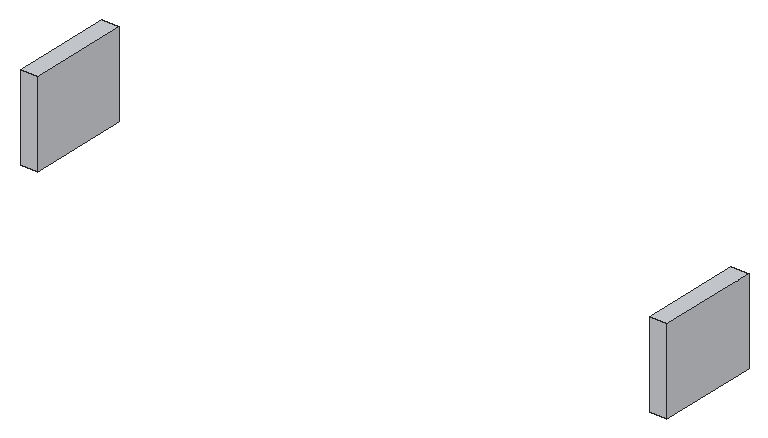
Revit family "ОВ_установка_default", category Оборудование, Revit 2022
Family settings
  Размер круглого соединителя = Использовать диаметр
  Классификация = Нет
  Тип детали = Нормальный
  На основе рабочей плоскости = Нет
  Всегда вертикально = Да
  При загрузке вырезать с полостями = Нет
  Сохранять ориентацию аннотаций = Нет
  Общий = Нет
  Точка принадлежности помещению = Нет
Parameters
  Отметка по умолчанию = 0 mm
  Выпуск_Длина [instance] = 100 mm
  Впуск_Ширина [instance] = 600 mm
  Выпуск_Ширина [instance] = 600 mm
  Выпуск_Отступ [instance] = 100 mm
  Выпуск_Высота [instance] = 500 mm
  Впуск_Снизу [instance] = no
  Впуск_Посередине [instance] = yes
  Впуск_Оступ [instance] = 100 mm
  Впуск_Длина [instance] = 100 mm
  Впуск_Высота [instance] = 500 mm
  Выпуск_Снизу [instance] = no
  Выпуск_Посередине [instance] = yes
  Выпуск_b [instance] = if(Выпуск_Посередине, (ADSK_Размер_Высота / 2) - (Выпуск_Высота / 2), if(Выпуск_Снизу, ADSK_Размер_Высота - Выпуск_Высота, 0 mm))  # 286.069 mm
  Впуск_b [instance] = if(Впуск_Посередине, (ADSK_Размер_Высота / 2) - (Впуск_Высота / 2), if(Впуск_Снизу, ADSK_Размер_Высота - Впуск_Высота, 0 mm))  # 286.069 mm
  Вложенное_оборудование_группирование [instance] = ""
  Вложенное_наполнение_группирование [instance] = ""
  PGS_ТипУстановки [instance] = ""
  ADSK_Этаж [instance] = ""
  ADSK_Размер_Ширина [instance] = 1360 mm
  ADSK_Размер_Длина [instance] = 3800 mm
  ADSK_Размер_Высота = 1072.138 mm
  ADSK_Примечание [instance] = ""
  ADSK_Предел огнестойкости = ""
  ADSK_Позиция [instance] = ""
  ADSK_Обозначение = ""
  ADSK_Наименование краткое = ""
  ADSK_Наименование = ""
  ADSK_Материал обозначение = ""
  ADSK_Материал наименование = ""
  ADSK_Масса = 0
  ADSK_Марка = ""
  ADSK_Количество [instance] = 1
  ADSK_Код изделия = ""
  ADSK_Зона = ""
  ADSK_Завод-изготовитель = ""
  ADSK_Единица измерения = ""
  ADSK_Группирование = ""
  ADSK_URL страницы изделия = ""
  ADSK_URL документации изделия = ""
Reference planes
  plane 1 "По центру (Вперед/Назад)": y = 0
  plane 2: z = 0
  plane 3 "По центру (Влево/Вправо)": x = 0
  plane 4: x = -1900
  plane 5: x = 1900
  plane 6: y = 680
  plane 7: y = -680
  plane 8: z = 1072.138
  plane 9: z = 786.069
  plane 10: z = 286.069
  plane 11: y = 300
  plane 12: y = -300
  plane 13: y = 300
  plane 14: y = -300
  plane 15: z = 0
  plane 16: z = 286.069
  plane 17 "Начало оборудования": x = -1800
  plane 18: x = 1800
  plane 19: z = 786.069
Dimensions and locks
  equal spacing: plane 6, plane 1 "По центру (Вперед/Назад)", plane 7
  "ADSK_Размер_Ширина": plane 6 to plane 7
  equal spacing: plane 4, plane 3 "По центру (Влево/Вправо)", plane 5
  "ADSK_Размер_Длина": plane 4 to plane 5
  "ADSK_Размер_Высота": level to plane 8
  "Выпуск_b": plane 9 to plane 8
  "Выпуск_Высота": plane 10 to plane 9
  equal spacing: plane 11, plane 1 "По центру (Вперед/Назад)", plane 12
  "Выпуск_Ширина": plane 11 to plane 12
  equal spacing: plane 13, plane 1 "По центру (Вперед/Назад)", plane 14
  "Впуск_Ширина": plane 13 to plane 14
  "Выпуск_Длина": plane 4 to plane 17 "Начало оборудования"
  "Впуск_Длина": plane 18 to plane 5
  "Впуск_b": plane 8 to plane 19
  "Впуск_Высота": plane 19 to plane 16
  aligned and locked: level to plane 2
  aligned and locked: plane 5 to nested 2
  aligned and locked: plane 9 to nested 2
  aligned and locked: nested 1 to plane 16
  aligned and locked: nested 1 to plane 4
Nested families
  nested 1: "Элементы установки" at (-1850, 0, 286.069), ADSK_Размер_Высота <- "Впуск_Высота", ADSK_Размер_Ширина <- "Впуск_Ширина", ADSK_Размер_Длина <- "Выпуск_Длина", type "Без УГО"
    with ADSK_Размер_Ширина 600 mm, ADSK_Размер_Длина 100 mm, ADSK_Размер_Высота 500 mm
  nested 2: "Элементы установки" at (1850, 0, 286.069), ADSK_Размер_Высота <- "Выпуск_Высота", ADSK_Размер_Ширина <- "Выпуск_Ширина", ADSK_Размер_Длина <- "Впуск_Длина", type "Без УГО"
    with ADSK_Размер_Ширина 600 mm, ADSK_Размер_Длина 100 mm, ADSK_Размер_Высота 500 mm
Definition of nested family "Элементы установки"
  Parameters (values of type "Воздухоохладитель")
    Фильтр = no
    Default Elevation = 0 mm
    Воздухоохладитель = yes
    Воздухонагреватель = no
    Вентилятор = no
    ADSK_Размер_Ширина [instance] = 500 mm
    ADSK_Размер_Длина [instance] = 920 mm
    ADSK_Размер_Высота [instance] = 800 mm
  Types (5, lengths in mm): name | Фильтр | Воздухоохладитель | Воздухонагреватель | Вентилятор
    Вентилятор | no | no | no | yes
    Фильтр | yes | no | no | no
    Без УГО | no | no | no | no
    Воздухонагреватель | no | no | yes | no
    Воздухоохладитель | no | yes | no | no
  Reference planes
    plane 1 "По центру (Вперед/Назад)": y = 0
    plane 2 "Снизу": z = 0
    plane 3 "По центру (Влево/Вправо)": x = 0
    plane 4 "Слева": x = -460
    plane 5 "Справа": x = 460
    plane 6 "Сзади": y = 250
    plane 7 "Спереди": y = -250
    plane 8 "Сверху": z = 800
  Forms (mm)
    Extrusion 1, solid
      sketch origin (0, 0, 0) x (1, 0, 0) y (0, 1, 0)
        loop
          line (-460, 250) -> (-460, -250) -> (460, -250) -> (460, 250) -> (-460, 250)
      from 0 to 800
  Dimensions and locks
    equal spacing: plane 4 "Слева", plane 3 "По центру (Влево/Вправо)", plane 5 "Справа"
    "ADSK_Размер_Длина": plane 4 "Слева" to plane 5 "Справа"
    equal spacing: plane 6 "Сзади", plane 1 "По центру (Вперед/Назад)", plane 7 "Спереди"
    "ADSK_Размер_Ширина": plane 6 "Сзади" to plane 7 "Спереди"
    "ADSK_Размер_Высота": level to plane 8 "Сверху"
    aligned and locked: level to plane 2 "Снизу"
    aligned and locked: Extrusion 1 sketch curve to plane 6 "Сзади"
    aligned and locked: plane 4 "Слева" to Extrusion 1 sketch curve
    aligned and locked: plane 7 "Спереди" to Extrusion 1 sketch curve
    aligned and locked: Extrusion 1 sketch curve to plane 5 "Справа"
    aligned and locked: plane 8 "Сверху" to Extrusion 1
    aligned and locked: plane 4 "Слева" to nested 1
    aligned and locked: plane 2 "Снизу" to nested 1
    aligned and locked: plane 4 "Слева" to nested 2
    aligned and locked: plane 7 "Спереди" to nested 2
    aligned and locked: plane 4 "Слева" to nested 3
    aligned and locked: nested 3 to plane 8 "Сверху"
    aligned and locked: nested 5 to Extrusion 1  (x2)
    aligned and locked: nested 6 to Extrusion 1  (x3)
    aligned and locked: nested 4 to Extrusion 1  (x2)
    aligned and locked: nested 8 to Extrusion 1  (x2)
    aligned and locked: nested 9 to Extrusion 1  (x2)
    aligned and locked: nested 7 to Extrusion 1  (x2)
  Nested families
    nested 1: "УГО_Вентилятор" at (0, -250, 400) x (1, 0, 0) z (0, -1, 0), ADSK_Размер_Высота <- "ADSK_Размер_Высота", ADSK_Размер_Длина <- "ADSK_Размер_Длина", Вентилятор <- "Вентилятор", Фильтр <- "Фильтр", type "УГО_Вентилятор"
      with Фильтр no, Воздухоохладитель no, Воздухонагреватель no, Вентилятор no, l 554.256 mm, i 512 mm, a 160 mm, ADSK_Размер_Длина 920 mm, ADSK_Размер_Диаметр 640 mm, ADSK_Размер_Высота 800 mm
    nested 2: "УГО_Вентилятор" at (0, 0, 800), ADSK_Размер_Высота <- "ADSK_Размер_Ширина", ADSK_Размер_Длина <- "ADSK_Размер_Длина", Вентилятор <- "Вентилятор", Фильтр <- "Фильтр", type "УГО_Вентилятор"
      with Фильтр no, Воздухоохладитель no, Воздухонагреватель no, Вентилятор no, l 346.41 mm, i 320 mm, a 100 mm, ADSK_Размер_Длина 920 mm, ADSK_Размер_Диаметр 400 mm, ADSK_Размер_Высота 500 mm
    nested 3: "УГО_Вентилятор" at (0, 250, 400) x (1, 0, 0) z (0, 1, 0), ADSK_Размер_Высота <- "ADSK_Размер_Высота", ADSK_Размер_Длина <- "ADSK_Размер_Длина", Вентилятор <- "Вентилятор", Фильтр <- "Фильтр", type "УГО_Вентилятор"
      with Фильтр no, Воздухоохладитель no, Воздухонагреватель no, Вентилятор no, l 554.256 mm, i 512 mm, a 160 mm, ADSK_Размер_Длина 920 mm, ADSK_Размер_Диаметр 640 mm, ADSK_Размер_Высота 800 mm
    nested 4: "УГО_Вентилятор" at (0, 250, 400) x (1, 0, 0) z (0, 1, 0), ADSK_Размер_Длина <- "ADSK_Размер_Длина", ADSK_Размер_Высота <- "ADSK_Размер_Высота", visible <- "Воздухонагреватель", type "Воздухонагреватель"
      with Фильтр no, Воздухоохладитель no, Воздухонагреватель yes, Вентилятор no, l 554.256 mm, i 512 mm, a 160 mm, ADSK_Размер_Длина 920 mm, ADSK_Размер_Диаметр 640 mm, ADSK_Размер_Высота 800 mm
    nested 5: "УГО_Вентилятор" at (0, -250, 400) x (-1, 0, 0) z (0, -1, 0), ADSK_Размер_Высота <- "ADSK_Размер_Высота", ADSK_Размер_Длина <- "ADSK_Размер_Длина", visible <- "Воздухонагреватель", type "Воздухонагреватель"
      with Фильтр no, Воздухоохладитель no, Воздухонагреватель yes, Вентилятор no, l 554.256 mm, i 512 mm, a 160 mm, ADSK_Размер_Длина 920 mm, ADSK_Размер_Диаметр 640 mm, ADSK_Размер_Высота 800 mm
    nested 6: "УГО_Вентилятор" at (0, 0, 800), ADSK_Размер_Длина <- "ADSK_Размер_Длина", ADSK_Размер_Высота <- "ADSK_Размер_Ширина", visible <- "Воздухонагреватель", type "Воздухонагреватель"
      with Фильтр no, Воздухоохладитель no, Воздухонагреватель yes, Вентилятор no, l 346.41 mm, i 320 mm, a 100 mm, ADSK_Размер_Длина 920 mm, ADSK_Размер_Диаметр 400 mm, ADSK_Размер_Высота 500 mm
    nested 7: "УГО_Вентилятор" at (0, -250, 400) x (-1, 0, 0) z (0, -1, 0), ADSK_Размер_Высота <- "ADSK_Размер_Высота", ADSK_Размер_Длина <- "ADSK_Размер_Длина", visible <- "Воздухоохладитель", type "Воздухоохладитель"
      with Фильтр no, Воздухоохладитель yes, Воздухонагреватель no, Вентилятор no, l 554.256 mm, i 512 mm, a 160 mm, ADSK_Размер_Длина 920 mm, ADSK_Размер_Диаметр 640 mm, ADSK_Размер_Высота 800 mm
    nested 8: "УГО_Вентилятор" at (0, 250, 400) x (1, 0, 0) z (0, 1, 0), ADSK_Размер_Высота <- "ADSK_Размер_Высота", ADSK_Размер_Длина <- "ADSK_Размер_Длина", visible <- "Воздухоохладитель", type "Воздухоохладитель"
      with Фильтр no, Воздухоохладитель yes, Воздухонагреватель no, Вентилятор no, l 554.256 mm, i 512 mm, a 160 mm, ADSK_Размер_Длина 920 mm, ADSK_Размер_Диаметр 640 mm, ADSK_Размер_Высота 800 mm
    nested 9: "УГО_Вентилятор" at (0, 0, 800), ADSK_Размер_Высота <- "ADSK_Размер_Ширина", ADSK_Размер_Длина <- "ADSK_Размер_Длина", visible <- "Воздухоохладитель", type "Воздухоохладитель"
      with Фильтр no, Воздухоохладитель yes, Воздухонагреватель no, Вентилятор no, l 346.41 mm, i 320 mm, a 100 mm, ADSK_Размер_Длина 920 mm, ADSK_Размер_Диаметр 400 mm, ADSK_Размер_Высота 500 mm
  Definition of nested family "УГО_Вентилятор"
    Parameters (values of type "Воздухонагреватель")
      Фильтр [instance] = no
      Default Elevation = 1219.2 mm
      Воздухоохладитель [instance] = no
      Воздухонагреватель [instance] = yes
      Вентилятор [instance] = no
      l [instance] = ADSK_Размер_Диаметр * cos(30.00°)  # 381.051 mm
      i [instance] = ADSK_Размер_Диаметр - ADSK_Размер_Диаметр / 100 * 20  # 352 mm
      a [instance] = ADSK_Размер_Диаметр / 4  # 110 mm
      ADSK_Размер_Длина [instance] = 1000 mm
      ADSK_Размер_Диаметр [instance] = if(ADSK_Размер_Длина > ADSK_Размер_Высота, ADSK_Размер_Высота * 0.8, ADSK_Размер_Длина * 0.8)  # 440 mm
      ADSK_Размер_Высота [instance] = 550 mm
    Types (5, lengths in mm): name | Фильтр | Воздухоохладитель | Воздухонагреватель | Вентилятор | l | i | a | ADSK_Размер_Диаметр | ADSK_Размер_Высота
      (no name) | no | no | yes | no | 692.82 | 640 | 200 | 800 | 1100
      Вентилятор | no | no | no | yes | 692.82 | 640 | 200 | 800 | 1100
      Фильтр | yes | no | no | no | 692.82 | 640 | 200 | 800 | 1100
      Воздухонагреватель | no | no | yes | no | 381.051 | 352 | 110 | 440 | 550
      Воздухоохладитель | no | yes | no | no | 692.82 | 640 | 200 | 800 | 1100
    Reference planes
      plane 1 "По центру (Вперед/Назад)": y = 0
      plane 2: z = 0
      plane 3 "По центру (Влево/Вправо)": x = 0
      plane 4: y = 275
      plane 5: y = -275
      plane 6: x = -500
      plane 7: x = 500
      plane 8: y = 137.5
      plane 9: y = -137.5
    Forms (mm)
      Extrusion 1, solid, visible <- "Вентилятор"
        sketch origin (0, 0, 0) x (1, 0, 0) y (0, 1, 0)
          loop
            line (220, 0) -> (-110, 190.526) -> (-110, -190.526) -> (220, 0)
        from 0 to 1
    Lines and regions (mm)
      model lines
        curve 1: line (-500, 275, 0) -> (500, 275, 0)
        curve 2: line (-500, -275, 0) -> (-500, 275, 0)
        curve 3: line (500, -275, 0) -> (-500, -275, 0)
        curve 4: line (500, 275, 0) -> (500, -275, 0)
      model lines, visible <- "Вентилятор"
        curve 5: circle (0, 0, 0) r 220 normal (0, 0, 1)
      model lines, visible <- "Фильтр"
        curve 6: line (500, 275, 0) -> (-500, 137.5, 0)
        curve 7: line (500, 0, 0) -> (-500, -137.5, 0)
        curve 8: line (500, -275, 0) -> (-500, -137.5, 0)
        curve 9: line (-500, 137.5, 0) -> (500, 0, 0)
      model lines, visible <- "Воздухонагреватель"
        curve 10: circle (0, 0, 0) r 220 normal (0, 0, 1)
        curve 11: line (0, 176, 0) -> (0, -176, 0)
        curve 12: line (-176, 0, 0) -> (176, 0, 0)
      model lines, visible <- "Воздухоохладитель"
        curve 13: circle (0, 0, 0) r 220 normal (0, 0, 1)
        curve 14: line (-176, 0, 0) -> (176, 0, 0)
    Dimensions and locks
      equal spacing: plane 4, plane 1 "По центру (Вперед/Назад)", plane 5
      "ADSK_Размер_Высота": plane 4 to plane 5
      equal spacing: plane 6, plane 3 "По центру (Влево/Вправо)", plane 7
      "ADSK_Размер_Длина": plane 6 to plane 7
      "a": Extrusion 1 sketch curve to plane 3 "По центру (Влево/Вправо)"
      "l": Extrusion 1 sketch curve to Extrusion 1 sketch curve
      equal spacing: plane 4, plane 8, plane 1 "По центру (Вперед/Назад)"
      equal spacing: plane 5, plane 9, plane 1 "По центру (Вперед/Назад)"
      equal spacing: curve 11, plane 1 "По центру (Вперед/Назад)", curve 11
      "i": curve 11 to curve 11
      equal spacing: curve 12, plane 3 "По центру (Влево/Вправо)", curve 12
      "i": curve 12 to curve 12
      equal spacing: curve 14, plane 3 "По центру (Влево/Вправо)", curve 14
      "i": curve 14 to curve 14
      "ADSK_Размер_Диаметр": diameter of curve 5
      "ADSK_Размер_Диаметр": diameter of curve 10
      "ADSK_Размер_Диаметр": diameter of curve 13
      locked: Extrusion 1 sketch curve to plane 1 "По центру (Вперед/Назад)" (angle 30.00°)
      locked: plane 1 "По центру (Вперед/Назад)" to Extrusion 1 sketch curve (angle 30.00°)
      aligned and locked: level to plane 2
      aligned and locked: curve 1 to plane 4
      aligned and locked: plane 5 to curve 3
      aligned and locked: plane 3 "По центру (Влево/Вправо)" to curve 5
      aligned and locked: plane 1 "По центру (Вперед/Назад)" to curve 5
      aligned and locked: plane 6 to curve 9
      aligned and locked: plane 8 to curve 9
      aligned and locked: plane 7 to curve 9
      aligned and locked: plane 1 "По центру (Вперед/Назад)" to curve 7
      aligned and locked: plane 6 to curve 8
      aligned and locked: plane 7 to curve 8
      aligned and locked: plane 3 "По центру (Влево/Вправо)" to curve 10
      aligned and locked: plane 1 "По центру (Вперед/Назад)" to curve 10
      aligned and locked: plane 3 "По центру (Влево/Вправо)" to curve 13
      aligned and locked: plane 1 "По центру (Вперед/Назад)" to curve 13
    Automatic sketch dimensions
      curve 11 to plane 3 "По центру (Влево/Вправо)" = 0 mm
      curve 7 to plane 9 = 0 mm
      plane 1 "По центру (Вперед/Назад)" to curve 12 = 0 mm
      plane 1 "По центру (Вперед/Назад)" to curve 14 = 0 mm
      curve 6 to plane 8 = 0 mm
      plane 1 "По центру (Вперед/Назад)" to Extrusion 1 sketch curve = 0 mm
